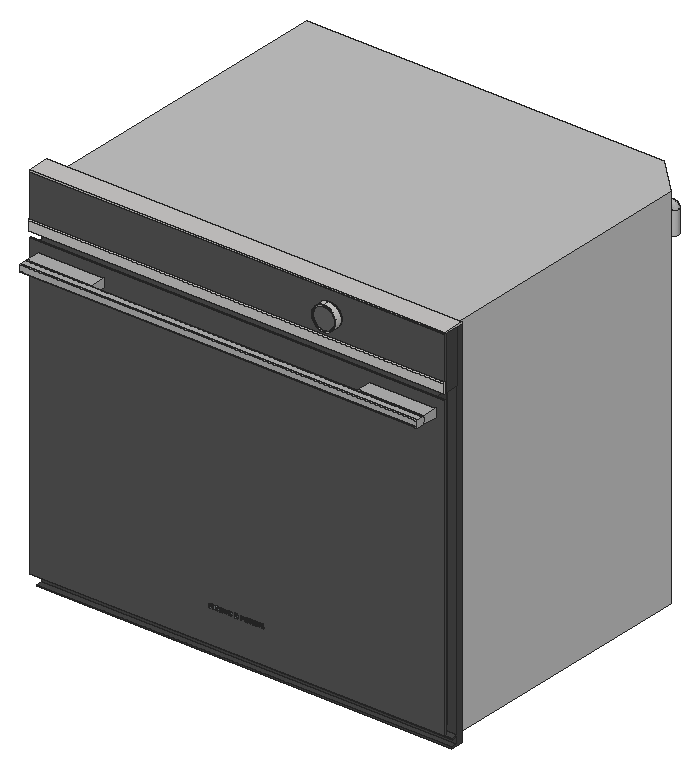
Revit family "FP-Revit18-OB30SDPTDX2-Oven-0-9000xxxxA", category Specialty Equipment, Revit 2018
Family settings
  Round Connector Dimension = Use Diameter
  Part Type = Normal
  OmniClass Number = 23.40.40.14.17.11
  OmniClass Title = Cookers, Ovens, Stoves
  Work Plane-Based = No
  Always vertical = Yes
  Cut with Voids When Loaded = Yes
  Shared = No
  Room Calculation Point = No
Parameters (values of type "OB30SDPTDX2")
  Visibility - Long Trim (Flush Installation) [instance] = no
  Visibility - Clearance Required = yes
  URL = "www.fisherpaykel.com"
  Product - Width = 760 mm  # constant formula
  Product - Height = 690 mm  # constant formula
  Product - Depth = 609 mm  # constant formula
  Model = "OB30SDPTDX2"
  Material - Trim = Fisher & Paykel - Stainless Steel
  Material - Structure = Fisher & Paykel - Black
  Material - Logo = Fisher & Paykel - Graphics Grey
  Material - Handle = Fisher & Paykel - Aluminium
  Material - Glass = Fisher & Paykel - Glass, Black
  Material - Buttons and Dials = Fisher & Paykel - Stainless Steel
  Material - Body = Fisher & Paykel - Grey
  Manufacturer = "Fisher & Paykel Appliances"
  FFL Offset [instance] = 182 mm
  Description = "30\" Self Cleaning Oven"
  Connector Note - Electrical = "208-240 V, 60 Hz, 16.6-19.4 A , 3.5-4.6 kW Max Load"
  Chassis - Width = 720 mm  # constant formula
  Chassis - Height = 675 mm  # constant formula
  Chassis - Depth = 569 mm  # constant formula
  Cavity - Width = 724 mm  # constant formula
  Cavity - Height = 681 mm  # constant formula
  Cavity - Depth = 575 mm  # constant formula
  Cabinet - Height = 693 mm  # constant formula
Reference planes
  plane 1 "Datum": y = 0
  plane 2: z = 0
  plane 3 "Center (Left/Right)": x = 0
  plane 4 "Cabinet - Height": z = 875
  plane 5 "Product LHS": x = -380
  plane 6 "Product RHS": x = 380
  plane 7 "Product - Depth": y = 569
  plane 8 "Cavity LHS": x = -382
  plane 9 "Cavity RHS": x = 382
  plane 10 "Cavity - Depth": y = 575
  plane 11 "Front Face": y = -40
  plane 12 "FFL Offset": z = 182
  plane 13 "Product - Height": z = 872
  plane 14: z = 863
Forms (mm)
  Extrusion 1, solid, material "Fisher & Paykel - Grey" <- "Material - Body"
    sketch origin (0, 0, 0) x (1, 0, 0) y (0, 1, 0)
      loop
        line (-359.809, 0) -> (360.191, 0) -> (360.191, 503) -> (294.191, 569) -> (-359.809, 569) -> (-359.809, 0)
    from 182 to 857
  Extrusion 2, solid, material "Fisher & Paykel - Clearance Required", visible <- "Visibility - Clearance Required", detail levels coarse
    sketch origin (0, 0, 0) x (1, 0, 0) y (0, 1, 0)
      loop
        line (-361.809, 0) -> (362.191, 0) -> (362.191, 575) -> (-361.809, 575) -> (-361.809, 0)
    from 182 to 863
  Extrusion 3, solid, material "Fisher & Paykel - Black" <- "Material - Structure"
    sketch origin (0, 0, 0) x (0, 1, 0) y (0, 0, 1)
      loop
        line (-11, 869.1) -> (-11, 199.834) -> (-21.5, 197.02) -> (-21.254, 196.102) -> (-11, 198.85) -> (-11, 183.95) -> (-22, 183.95) -> (-22, 182) -> (0, 182) -> (0, 869.1) -> (-11, 869.1)
    from -380 to 380
  Extrusion 4, solid, material "Fisher & Paykel - Black" <- "Material - Structure"
    sketch origin (0, 0, 0) x (0, 1, 0) y (0, 0, 1)
      loop
        line (-36, 869.1) -> (-36, 772) -> (-11, 772) -> (-11, 869.1) -> (-36, 869.1)
    from -380 to 380
  Extrusion 5, solid, material "Fisher & Paykel - Black" <- "Material - Structure"
    sketch origin (0, 0, 0) x (0, 1, 0) y (0, 0, 1)
      loop
        line (-16.2, 209.63) -> (-16.2, 759.665) -> (-36, 759.665) -> (-36, 209.63) -> (-16.2, 209.63)
    from -365 to 363.494
  Extrusion 6, solid, material "Fisher & Paykel - Black" <- "Material - Structure"
    sketch origin (0, 0, 0) x (0, 1, 0) y (0, 0, 1)
      loop
        line (-16.2, 759.665) -> (-16.2, 209.63) -> (-11, 209.63) -> (-11, 759.665) -> (-16.2, 759.665)
    from -361 to 361
  Extrusion 7, solid, material "Fisher & Paykel - Glass, Black" <- "Material - Glass"
    sketch origin (0, 0, 0) x (0, 1, 0) y (0, 0, 1)
      loop
        line (-40, 759.665) -> (-40, 209.63) -> (-36, 209.63) -> (-36, 759.665) -> (-40, 759.665)
    from -380 to 380
  Extrusion 8, solid, material "Fisher & Paykel - Glass, Black" <- "Material - Glass"
    sketch origin (0, 0, 0) x (0, 1, 0) y (0, 0, 1)
      loop
        line (-40, 868.639) -> (-40, 772) -> (-36, 772) -> (-36, 868.639) -> (-40, 868.639)
    from -380 to 380
  Extrusion 9, solid, material "Fisher & Paykel - Stainless Steel" <- "Material - Trim", detail levels fine
    sketch origin (0, 0, 0) x (0, 1, 0) y (0, 0, 1)
      loop
        line (-41.95, 789.531) -> (-41.95, 772) -> (-40, 772) -> (-40, 791.643) -> (-40.8, 791.643) -> (-41.95, 789.531)
    from -380 to 380
  Extrusion 10, solid, material "Fisher & Paykel - Clearance Required", visible <- "Visibility - Clearance Required", detail levels coarse
    sketch origin (0, -2000, 0) x (0, 1, 0) y (0, 0, 1)
      loop
        line (2000, 875) -> (1960.062, 875) -> (1960.062, 761.128)
        arc (1960.062, 761.128) -> (1570.095, 599.598) -> (1408.565, 209.63) r 551.498
        line (1408.565, 209.63) -> (1960, 209.63) -> (1960, 182) -> (2000, 182) -> (2000, 875)
    from -382 to 382
  Extrusion 11, solid, material "Fisher & Paykel - Stainless Steel" <- "Material - Trim"
    sketch origin (0, 0, 0) x (0, 1, 0) y (0, 0, 1)
      loop
        line (-40, 872) -> (-40, 869.1) -> (0, 869.1) -> (0, 872) -> (-40, 872)
    from -380 to 380
  Extrusion 12, void
    sketch origin (0, 0, 0) x (1, 0, 0) y (0, 1, 0)
      loop
        line (-361.809, 575) -> (-361.809, 0) -> (362.191, 0) -> (362.191, 575) -> (-361.809, 575)
    from 182 to 863
  Extrusion 13, void
    sketch origin (0, 0, 0) x (1, 0, 0) y (0, 1, 0)
      loop
        line (-382, 0) -> (-382, -40) -> (382, -40) -> (382, 0) -> (-382, 0)
    from 182 to 875
  Revolve 14, solid, material "Fisher & Paykel - Stainless Steel" <- "Material - Buttons and Dials", detail levels fine
    sketch origin (170, -40, 827.5) x (0, 1, 0) y (0, 0, 1)
      loop
        line (0, 22) -> (-0.843, 22) -> (-0.843, 16.038) -> (-2.39, 16.038) -> (-2.39, 22) -> (-13.7, 22) -> (-13.7, 21.2) -> (-13.191, 20) -> (-8.9, 20) -> (-8.9, 0) -> (0, 0) -> (0, 22)
      axis (0, 0) -> (-13.7, 0)
    angle from 0 to 360
  Extrusion 15, solid, material "Fisher & Paykel - Stainless Steel, Dark", detail levels fine
    sketch origin (170, -40, 827.5) x (1, 0, 0) y (0, 0, 1)
      loop
        circle (0, 0) r 19.45
    from 8.9 to 13.191
  Extrusion 16, solid, material "Fisher & Paykel - Stainless Steel" <- "Material - Buttons and Dials", detail levels coarse+medium
    sketch origin (170, -40, 827.5) x (1, 0, 0) y (0, 0, 1)
      loop
        circle (0, 0) r 22
    from 0 to 13.7
  Extrusion 17, solid, material "Fisher & Paykel - Bezel Red", detail levels fine
    sketch origin (170, -40, 827.5) x (1, 0, 0) y (0, 0, 1)
      loop
        circle (0, 0) r 19.45
      loop
        circle (0, 0) r 20
    from 2.39 to 13.191
  Extrusion 18, solid, material "Fisher & Paykel - Aluminium" <- "Material - Handle", detail levels fine
    sketch origin (8.022, -41, 734.648) x (0, 1, 0) y (0, 0, 1)
      loop
        arc (-26.813, 6.16) -> (-27.196, 6.554) -> (-27.728, 6.686) r 1
        line (-27.728, 6.686) -> (-40.035, 6.256)
        arc (-40.035, 6.256) -> (-40.719, 5.951) -> (-41, 5.257) r 1
        line (-41, 5.257) -> (-41, -5.257)
        arc (-41, -5.257) -> (-40.719, -5.951) -> (-40.035, -6.256) r 1
        line (-40.035, -6.256) -> (-27.709, -6.686)
        arc (-27.709, -6.686) -> (-27.175, -6.554) -> (-26.792, -6.158) r 1
        arc (-26.792, -6.158) -> (-25.256, 0.004) -> (-26.813, 6.16) r 13.038
    from -371.522 to 355.478
  Extrusion 19, solid, material "Fisher & Paykel - Aluminium" <- "Material - Handle", detail levels fine
    sketch origin (8.022, -41, 734.648) x (0, 1, 0) y (0, 0, 1)
      loop
        arc (-26.626, -6.008) -> (-26.614, -6.49) -> (-26.2, -6.737) r 0.5
        line (-26.2, -6.737) -> (1, -7.732) -> (1, 7.741) -> (-26.174, 6.747)
        arc (-26.174, 6.747) -> (-26.587, 6.5) -> (-26.6, 6.019) r 0.5
        arc (-26.6, 6.019) -> (-25.156, 0.002) -> (-26.626, -6.008) r 13.136
    from 235.478 to 355.478
  Extrusion 20, solid, material "Fisher & Paykel - Aluminium" <- "Material - Handle", detail levels coarse+medium
    sketch origin (8.022, -42, 734.648) x (1, 0, 0) y (0, 1, 0)
      loop
        line (-371.522, -40) -> (355.478, -40) -> (355.478, 2) -> (235.478, 2) -> (235.478, -24.334) -> (-251.522, -24.334) -> (-251.522, 2) -> (-371.522, 2) -> (-371.522, -40)
    from -8.022 to 7.978
  Extrusion 21, solid, material "Fisher & Paykel - Aluminium" <- "Material - Handle", detail levels fine
    sketch origin (8.022, -41, 734.648) x (0, 1, 0) y (0, 0, 1)
      loop
        arc (-26.626, -6.008) -> (-26.614, -6.49) -> (-26.2, -6.737) r 0.5
        line (-26.2, -6.737) -> (1, -7.732) -> (1, 7.741) -> (-26.174, 6.747)
        arc (-26.174, 6.747) -> (-26.587, 6.5) -> (-26.6, 6.019) r 0.5
        arc (-26.6, 6.019) -> (-25.156, 0.002) -> (-26.626, -6.008) r 13.136
    from -371.522 to -251.522
  Extrusion 22, solid, material "Fisher & Paykel - Aluminium" <- "Material - Handle", not visible, detail levels fine
    sketch origin (8.022, -2041, 719.648) x (0, 1, 0) y (0, 0, 1)
      loop
        arc (-26.813, 6.16) -> (-27.196, 6.554) -> (-27.728, 6.686) r 1
        line (-27.728, 6.686) -> (-40.035, 6.256)
        arc (-40.035, 6.256) -> (-40.719, 5.951) -> (-41, 5.257) r 1
        line (-41, 5.257) -> (-41, -5.257)
        arc (-41, -5.257) -> (-40.719, -5.951) -> (-40.035, -6.256) r 1
        line (-40.035, -6.256) -> (-27.709, -6.686)
        arc (-27.709, -6.686) -> (-27.175, -6.554) -> (-26.792, -6.158) r 1
        arc (-26.792, -6.158) -> (-25.256, 0.004) -> (-26.813, 6.16) r 13.038
    from -371.522 to 355.478
  Extrusion 23, solid, material "Fisher & Paykel - Aluminium" <- "Material - Handle", not visible, detail levels fine
    sketch origin (8.022, -2041, 719.648) x (0, 1, 0) y (0, 0, 1)
      loop
        arc (-26.626, -6.008) -> (-26.614, -6.49) -> (-26.2, -6.737) r 0.5
        line (-26.2, -6.737) -> (1, -7.732) -> (1, 7.741) -> (-26.174, 6.747)
        arc (-26.174, 6.747) -> (-26.587, 6.5) -> (-26.6, 6.019) r 0.5
        arc (-26.6, 6.019) -> (-25.156, 0.002) -> (-26.626, -6.008) r 13.136
    from 235.478 to 355.478
  Extrusion 24, solid, material "Fisher & Paykel - Aluminium" <- "Material - Handle", not visible, detail levels coarse+medium
    sketch origin (8.022, -2042, 719.648) x (1, 0, 0) y (0, 1, 0)
      loop
        line (-371.522, -40) -> (355.478, -40) -> (355.478, 2) -> (235.478, 2) -> (235.478, -24.334) -> (-251.522, -24.334) -> (-251.522, 2) -> (-371.522, 2) -> (-371.522, -40)
    from -8.022 to 7.978
  Extrusion 25, solid, material "Fisher & Paykel - Aluminium" <- "Material - Handle", not visible, detail levels fine
    sketch origin (8.022, -2041, 719.648) x (0, 1, 0) y (0, 0, 1)
      loop
        arc (-26.626, -6.008) -> (-26.614, -6.49) -> (-26.2, -6.737) r 0.5
        line (-26.2, -6.737) -> (1, -7.732) -> (1, 7.741) -> (-26.174, 6.747)
        arc (-26.174, 6.747) -> (-26.587, 6.5) -> (-26.6, 6.019) r 0.5
        arc (-26.6, 6.019) -> (-25.156, 0.002) -> (-26.626, -6.008) r 13.136
    from -371.522 to -251.522
  Extrusion 26, solid, material "Fisher & Paykel - Grey" <- "Material - Body"
    sketch origin (327.191, 536, 812.625) x (0.707107, -0.707107, 0) y (0, 0, 1)
      loop
        circle (0, 0) r 14.523
      loop
        circle (0, 0) r 7.273
    from -3.02 to 0
  Sweep 27, solid, material "Fisher & Paykel - Grey" <- "Material - Body"
    path origin (327.191, 536, 812.625) x (0.707107, 0.707107, 0) y (0, 0, 1)
      loop
        line (0, 0) -> (2.546, 0)
        arc (2.546, 0) -> (8.203, -2.343) -> (10.546, -8) r 8
        line (10.546, -8) -> (10.546, -49.977)
    profile origin (328.091, 536.9, 812.625) x (0, 0, 1) y (0.707107, -0.707107, 0)
      loop
        circle (0, 0) r 7.273
  Extrusion 28, solid, material "Fisher & Paykel - Grey" <- "Material - Body", not visible
    sketch origin (327.191, 536, 797.625) x (0.707107, -0.707107, 0) y (0, 0, 1)
      loop
        circle (0, 0) r 14.523
      loop
        circle (0, 0) r 7.273
    from -3.02 to 0
  Sweep 29, solid, material "Fisher & Paykel - Grey" <- "Material - Body", not visible
    path origin (327.191, 536, 797.625) x (0.707107, 0.707107, 0) y (0, 0, 1)
      loop
        line (0, 0) -> (2.546, 0)
        arc (2.546, 0) -> (8.203, -2.343) -> (10.546, -8) r 8
        line (10.546, -8) -> (10.546, -49.977)
    profile origin (328.091, 536.9, 797.625) x (0, 0, 1) y (0.707107, -0.707107, 0)
      loop
        circle (0, 0) r 7.273
  Extrusion 30, solid, material "Fisher & Paykel - Graphics Grey" <- "Material - Logo", detail levels fine
    sketch origin (0, -39.2, 255.6) x (1, 0, 0) y (0, 0, 1)
      loop
        line (-50.044, 15) -> (-48.47, 15) -> (-48.47, 17.138) -> (-46.011, 17.138) -> (-46.011, 18.472) -> (-48.47, 18.472) -> (-48.47, 19.712) -> (-45.795, 19.712) -> (-45.795, 21.04) -> (-50.044, 21.04) -> (-50.044, 15)
      loop
        line (-42.804, 21.04) -> (-42.804, 15) -> (-41.23, 15) -> (-41.23, 21.04) -> (-42.804, 21.04)
      loop
        line (-30.724, 21.04) -> (-30.724, 15) -> (-29.151, 15) -> (-29.151, 17.42) -> (-26.839, 17.42) -> (-26.839, 15) -> (-25.265, 15) -> (-25.265, 21.04) -> (-26.839, 21.04) -> (-26.839, 18.748) -> (-29.151, 18.748) -> (-29.151, 21.04) -> (-30.724, 21.04)
      loop
        line (-21.906, 21.04) -> (-21.906, 15) -> (-17.602, 15) -> (-17.602, 16.328) -> (-20.347, 16.328) -> (-20.347, 17.42) -> (-17.838, 17.42) -> (-17.838, 18.748) -> (-20.347, 18.748) -> (-20.347, 19.712) -> (-17.602, 19.712) -> (-17.602, 21.04) -> (-21.906, 21.04)
      loop
        line (45.667, 21.04) -> (45.667, 15) -> (49.956, 15) -> (49.956, 16.328) -> (47.241, 16.328) -> (47.241, 21.04) -> (45.667, 21.04)
      loop
        line (42.431, 21.04) -> (38.112, 21.04) -> (38.112, 15) -> (42.431, 15) -> (42.431, 16.328) -> (39.687, 16.328) -> (39.687, 17.42) -> (42.195, 17.42) -> (42.195, 18.748) -> (39.687, 18.748) -> (39.687, 19.712) -> (42.431, 19.712) -> (42.431, 21.04)
      loop
        line (33.451, 18.148) -> (35.683, 21.04) -> (33.844, 21.04) -> (31.915, 18.542) -> (31.915, 21.04) -> (30.342, 21.04) -> (30.342, 15) -> (31.915, 15) -> (31.915, 17.705) -> (33.903, 15) -> (35.763, 15) -> (33.451, 18.148)
      loop
        line (21.98, 21.04) -> (24.262, 17.42) -> (24.262, 15) -> (25.837, 15) -> (25.837, 17.341) -> (28.119, 21.04) -> (26.446, 21.04) -> (25.099, 18.707) -> (23.753, 21.04) -> (21.98, 21.04)
      loop
        line (18.479, 21.04) -> (16.983, 21.04) -> (14.524, 15) -> (16.069, 15) -> (16.501, 16.112) -> (18.921, 16.112) -> (19.354, 15) -> (20.938, 15) -> (18.479, 21.04)
      loop
        line (18.4, 17.439) -> (17.693, 19.174) -> (17.018, 17.439) -> (18.4, 17.439)
      loop
        line (8.031, 21.04) -> (8.031, 15) -> (9.605, 15) -> (9.605, 16.938) -> (10.599, 16.938)
        arc (10.599, 16.938) -> (12.65, 18.989) -> (10.599, 21.04) r 2.051
        line (10.599, 21.04) -> (8.031, 21.04)
      loop
        line (9.605, 19.712) -> (9.605, 18.197) -> (10.501, 18.197)
        arc (10.501, 18.197) -> (11.259, 18.954) -> (10.501, 19.712) r 0.757
        line (10.501, 19.712) -> (9.605, 19.712)
      loop
        line (-11.783, 21.04) -> (-14.366, 21.04) -> (-14.366, 15) -> (-12.792, 15) -> (-12.792, 16.336) -> (-11.992, 16.336) -> (-10.972, 15) -> (-9.153, 15) -> (-10.694, 16.973)
        arc (-10.694, 16.973) -> (-9.678, 19.424) -> (-11.783, 21.04) r 2.179
      loop
        line (-11.897, 19.712) -> (-12.792, 19.712) -> (-12.792, 18.053) -> (-11.897, 18.053)
        arc (-11.897, 18.053) -> (-11.068, 18.882) -> (-11.897, 19.712) r 0.83
      loop
        line (0.477, 19.712) -> (0.477, 21.153) -> (-3.575, 21.153) -> (-3.575, 19.851) -> (-2.974, 19.112)
        arc (-2.974, 19.112) -> (-3.51, 15.684) -> (-0.045, 15.512) r 2.334
        line (-0.045, 15.512) -> (0.46, 14.891) -> (2.246, 14.891) -> (0.86, 16.594) -> (2.061, 18.324) -> (0.443, 18.324) -> (-0.013, 17.667) -> (-1.677, 19.712) -> (0.477, 19.712)
      loop
        arc (-2.125, 18.068) -> (-2.269, 16.668) -> (-0.868, 16.524) r 0.996
        line (-0.868, 16.524) -> (-2.125, 18.068)
      loop
        line (-35.18, 18.634) -> (-36.516, 18.91)
        arc (-36.516, 18.91) -> (-37.049, 19.443) -> (-36.516, 19.976) r 0.533
        arc (-36.516, 19.976) -> (-35.235, 19.79) -> (-34.059, 19.248) r 4.505
        line (-34.059, 19.248) -> (-34.059, 20.743)
        arc (-34.059, 20.743) -> (-35.549, 21.179) -> (-37.1, 21.109) r 4.726
        arc (-37.1, 21.109) -> (-38.536, 19.335) -> (-37.1, 17.561) r 1.814
        line (-37.1, 17.561) -> (-35.754, 17.282)
        arc (-35.754, 17.282) -> (-35.221, 16.749) -> (-35.754, 16.216) r 0.533
        arc (-35.754, 16.216) -> (-37.035, 16.402) -> (-38.211, 16.945) r 4.505
        line (-38.211, 16.945) -> (-38.211, 15.449)
        arc (-38.211, 15.449) -> (-36.72, 15.013) -> (-35.169, 15.083) r 4.726
        arc (-35.169, 15.083) -> (-33.734, 16.863) -> (-35.18, 18.634) r 1.814
    from 0.8 to 1.6
  Revolve 31, solid, material "Fisher & Paykel - Stainless Steel" <- "Material - Buttons and Dials", not visible, detail levels fine
    sketch origin (170, -40, 745.5) x (0, 1, 0) y (0, 0, 1)
      loop
        line (0, 22) -> (-0.843, 22) -> (-0.843, 16.038) -> (-2.39, 16.038) -> (-2.39, 22) -> (-13.7, 22) -> (-13.7, 21.2) -> (-13.191, 20) -> (-8.9, 20) -> (-8.9, 0) -> (0, 0) -> (0, 22)
      axis (0, 0) -> (-13.7, 0)
    angle from 0 to 360
  Extrusion 32, solid, material "Fisher & Paykel - Stainless Steel, Dark", not visible, detail levels fine
    sketch origin (170, -40, 745.5) x (1, 0, 0) y (0, 0, 1)
      loop
        circle (0, 0) r 19.45
    from 8.9 to 13.191
  Extrusion 33, solid, material "Fisher & Paykel - Stainless Steel" <- "Material - Buttons and Dials", not visible, detail levels coarse+medium
    sketch origin (170, -40, 745.5) x (1, 0, 0) y (0, 0, 1)
      loop
        circle (0, 0) r 22
    from 0 to 13.7
  Extrusion 34, solid, material "Fisher & Paykel - Bezel Red", not visible, detail levels fine
    sketch origin (170, -40, 745.5) x (1, 0, 0) y (0, 0, 1)
      loop
        circle (0, 0) r 19.45
      loop
        circle (0, 0) r 20
    from 2.39 to 13.191
  Extrusion 35, solid, material "Fisher & Paykel - Black" <- "Material - Structure", visible <- "Visibility - Long Trim (Flush Installation)"
    sketch origin (0, 0, 0) x (0, 1, 0) y (0, 0, 1)
      loop
        line (0, 182) -> (0, 183.95) -> (-38.992, 183.95) -> (-38.992, 182) -> (0, 182)
    from -380 to 380
Lines and regions (mm)
  model lines, style "Fisher & Paykel"
    curve 1: line (-54, -40, 862.5) -> (54, -40, 862.5)
    curve 2: line (-54, -40, 797.7) -> (-54, -40, 862.5)
    curve 3: line (54, -40, 797.7) -> (-54, -40, 797.7)
    curve 4: line (54, -40, 862.5) -> (54, -40, 797.7)
Text (mm)
  text "Due to ongoing product development, product details are subject to change without notice. \nPlease always refer to www.fisherpaykel.com for the most current product information. \n© Fisher & Paykel 2020" at (41.04, -678.295, 0), in view "Ref. Level (Plan)"
Dimensions and locks
  equal spacing: plane 5 "Product LHS", plane 3 "Center (Left/Right)", plane 6 "Product RHS"
  "Product - Width": plane 5 "Product LHS" to plane 6 "Product RHS"
  equal spacing: plane 8 "Cavity LHS", plane 3 "Center (Left/Right)", plane 9 "Cavity RHS"
  "Cavity - Width": Extrusion 2 to Extrusion 2
  "Chassis - Width": Extrusion 1 to Extrusion 1
  locked: plane 11 "Front Face" to plane 1 "Datum" at 40
  "FFL Offset": plane 12 "FFL Offset" to level
  "Chassis - Height": Extrusion 1 to plane 12 "FFL Offset"
  locked: Extrusion 5 to plane 12 "FFL Offset" at 27.63
  plane 4 "Cabinet - Height" to plane 12 "FFL Offset" = 693 mm
  "Product - Height": plane 12 "FFL Offset" to plane 13 "Product - Height"
  Extrusion 4 to plane 13 "Product - Height" = 100 mm
  locked: Extrusion 16 to plane 13 "Product - Height" at 44.5
  locked: Extrusion 20 to plane 13 "Product - Height" at 129.374
  locked: Sweep 27 to plane 13 "Product - Height" at 109.352
  "Chassis - Depth": plane 1 "Datum" to plane 7 "Product - Depth"
  "Cavity - Depth": plane 10 "Cavity - Depth" to plane 1 "Datum"
  "Cavity - Height": plane 12 "FFL Offset" to plane 14
  locked: plane 8 "Cavity LHS" to plane 9 "Cavity RHS" at 764
  aligned and locked: level to plane 2
  aligned and locked: plane 5 "Product LHS" to Extrusion 3
  aligned and locked: Extrusion 3 to plane 6 "Product RHS"
  aligned and locked: plane 8 "Cavity LHS" to Extrusion 10
  aligned and locked: Extrusion 10 to plane 9 "Cavity RHS"
  aligned and locked: Extrusion 10 sketch curve to plane 12 "FFL Offset"
  aligned and locked: plane 12 "FFL Offset" to Extrusion 3 sketch curve
  aligned and locked: Extrusion 3 to Extrusion 1
  aligned and locked: Extrusion 5 to Extrusion 6
  aligned and locked: Extrusion 7 to Extrusion 5
  aligned and locked: Extrusion 12 to Extrusion 1
  aligned and locked: Extrusion 12 to Extrusion 2
  aligned and locked: Extrusion 13 to Extrusion 1
  aligned and locked: plane 4 "Cabinet - Height" to Extrusion 13
  aligned and locked: Extrusion 2 to Extrusion 1
  aligned and locked: Extrusion 11 to plane 13 "Product - Height"
  aligned and locked: Extrusion 12 to plane 14
  aligned and locked: Extrusion 2 to plane 14
  aligned and locked: Extrusion 10 to Extrusion 7
Automatic sketch dimensions
  Revolve 14 sketch curve to Revolve 14 sketch curve = 1.547 mm
  Revolve 14 sketch curve to Revolve 14 sketch curve = 6.51 mm
  Revolve 14 sketch curve to Revolve 14 sketch curve = 4.291 mm
  Revolve 14 sketch curve to Revolve 14 sketch curve = 0.509 mm
  Revolve 14 sketch curve to Revolve 14 sketch curve = 16.038 mm
  Revolve 14 sketch curve to Revolve 14 sketch curve = 3.962 mm
  Revolve 14 sketch curve to Revolve 14 sketch curve = 1.2 mm
  Revolve 14 sketch curve to Revolve 14 sketch curve = 0.8 mm
  Revolve 14 sketch curve to Revolve 14 sketch curve = 0 mm  (x3)
  Revolve 14 sketch curve to Revolve 14 sketch curve = 9.733 mm
  Revolve 14 sketch curve to Revolve 14 sketch curve = 8.9 mm
  Extrusion 18 sketch curve to Extrusion 18 sketch curve = 0.965 mm  (x2)
  Extrusion 18 sketch curve to Extrusion 18 sketch curve = 0.035 mm  (x4)
  Extrusion 18 sketch curve to Extrusion 18 sketch curve = 1.706 mm
  Extrusion 18 sketch curve to Extrusion 18 sketch curve = 12.307 mm
  Extrusion 18 sketch curve to Extrusion 18 sketch curve = 12.326 mm
  Extrusion 18 sketch curve to Extrusion 18 sketch curve = 0.999 mm  (x2)
  Extrusion 18 sketch curve to Extrusion 18 sketch curve = 5.238 mm
  Extrusion 18 sketch curve to Extrusion 18 sketch curve = 0 mm
  Extrusion 19 sketch curve to Extrusion 19 sketch curve = 12.091 mm
  Extrusion 19 sketch curve to Extrusion 19 sketch curve = 0.018 mm  (x2)
  Extrusion 19 sketch curve to Extrusion 19 sketch curve = 0.008 mm
  Extrusion 19 sketch curve to Extrusion 19 sketch curve = 27.174 mm
  Extrusion 19 sketch curve to Extrusion 19 sketch curve = 15.473 mm
  Extrusion 19 sketch curve to Extrusion 19 sketch curve = 0.5 mm  (x2)
  Extrusion 19 sketch curve to Extrusion 19 sketch curve = 0 mm
  Extrusion 21 sketch curve to Extrusion 21 sketch curve = 12.091 mm
  Extrusion 21 sketch curve to Extrusion 21 sketch curve = 0.018 mm  (x2)
  Extrusion 21 sketch curve to Extrusion 21 sketch curve = 0.008 mm
  Extrusion 21 sketch curve to Extrusion 21 sketch curve = 27.174 mm
  Extrusion 21 sketch curve to Extrusion 21 sketch curve = 15.473 mm
  Extrusion 21 sketch curve to Extrusion 21 sketch curve = 0.5 mm  (x2)
  Extrusion 21 sketch curve to Extrusion 21 sketch curve = 0 mm
  Extrusion 18 sketch curve to Extrusion 18 sketch curve = 0.43 mm
  Extrusion 18 sketch curve to Extrusion 18 sketch curve = 5.275 mm
  Extrusion 18 sketch curve to Extrusion 18 sketch curve = 11.374 mm
  Extrusion 19 sketch curve to Extrusion 19 sketch curve = 0.995 mm
  Extrusion 19 sketch curve to Extrusion 19 sketch curve = 6.268 mm
  Extrusion 19 sketch curve to Extrusion 19 sketch curve = 12.255 mm
  Extrusion 21 sketch curve to Extrusion 21 sketch curve = 0.995 mm
  Extrusion 21 sketch curve to Extrusion 21 sketch curve = 6.268 mm
  Extrusion 21 sketch curve to Extrusion 21 sketch curve = 12.255 mm
  Extrusion 20 sketch curve to Extrusion 20 sketch curve = 120 mm  (x2)
  Extrusion 20 sketch curve to Extrusion 20 sketch curve = 15.666 mm
  Extrusion 20 sketch curve to Extrusion 20 sketch curve = 26.334 mm  (x2)
  Extrusion 20 sketch curve to Extrusion 20 sketch curve = 487 mm
  Extrusion 22 sketch curve to Extrusion 22 sketch curve = 0.965 mm  (x2)
  Extrusion 22 sketch curve to Extrusion 22 sketch curve = 0.035 mm  (x4)
  Extrusion 22 sketch curve to Extrusion 22 sketch curve = 1.706 mm
  Extrusion 22 sketch curve to Extrusion 22 sketch curve = 12.307 mm
  Extrusion 22 sketch curve to Extrusion 22 sketch curve = 12.326 mm
  Extrusion 22 sketch curve to Extrusion 22 sketch curve = 0.999 mm  (x2)
  Extrusion 22 sketch curve to Extrusion 22 sketch curve = 5.238 mm
  Extrusion 22 sketch curve to Extrusion 22 sketch curve = 0 mm
  Extrusion 23 sketch curve to Extrusion 23 sketch curve = 12.091 mm
  Extrusion 23 sketch curve to Extrusion 23 sketch curve = 0.018 mm  (x2)
  Extrusion 23 sketch curve to Extrusion 23 sketch curve = 0.008 mm
  Extrusion 23 sketch curve to Extrusion 23 sketch curve = 27.174 mm
  Extrusion 23 sketch curve to Extrusion 23 sketch curve = 15.473 mm
  Extrusion 23 sketch curve to Extrusion 23 sketch curve = 0.5 mm  (x2)
  Extrusion 23 sketch curve to Extrusion 23 sketch curve = 0 mm
  Extrusion 25 sketch curve to Extrusion 25 sketch curve = 12.091 mm
  Extrusion 25 sketch curve to Extrusion 25 sketch curve = 0.018 mm  (x2)
  Extrusion 25 sketch curve to Extrusion 25 sketch curve = 0.008 mm
  Extrusion 25 sketch curve to Extrusion 25 sketch curve = 27.174 mm
  Extrusion 25 sketch curve to Extrusion 25 sketch curve = 15.473 mm
  Extrusion 25 sketch curve to Extrusion 25 sketch curve = 0.5 mm  (x2)
  Extrusion 25 sketch curve to Extrusion 25 sketch curve = 0 mm
  Extrusion 22 sketch curve to Extrusion 22 sketch curve = 0.43 mm
  Extrusion 22 sketch curve to Extrusion 22 sketch curve = 5.275 mm
  Extrusion 22 sketch curve to Extrusion 22 sketch curve = 11.374 mm
  Extrusion 23 sketch curve to Extrusion 23 sketch curve = 0.995 mm
  Extrusion 23 sketch curve to Extrusion 23 sketch curve = 6.268 mm
  Extrusion 23 sketch curve to Extrusion 23 sketch curve = 12.255 mm
  Extrusion 25 sketch curve to Extrusion 25 sketch curve = 0.995 mm
  Extrusion 25 sketch curve to Extrusion 25 sketch curve = 6.268 mm
  Extrusion 25 sketch curve to Extrusion 25 sketch curve = 12.255 mm
  Extrusion 24 sketch curve to Extrusion 24 sketch curve = 120 mm  (x2)
  Extrusion 24 sketch curve to Extrusion 24 sketch curve = 15.666 mm
  Extrusion 24 sketch curve to Extrusion 24 sketch curve = 26.334 mm  (x2)
  Extrusion 24 sketch curve to Extrusion 24 sketch curve = 487 mm
  Extrusion 26 sketch curve to Extrusion 26 sketch curve = 0 mm  (x4)
  Sweep 27 sketch curve to Sweep 27 sketch curve = 8 mm
  Sweep 27 sketch curve to Sweep 27 sketch curve = 2.546 mm
  Sweep 27 sketch curve to Sweep 27 sketch curve = 41.977 mm
  Sweep 27 sketch curve to profile plane = 0 mm  (x2)
  Extrusion 28 sketch curve to Extrusion 28 sketch curve = 0 mm  (x4)
  Sweep 29 sketch curve to Sweep 29 sketch curve = 8 mm
  Sweep 29 sketch curve to Sweep 29 sketch curve = 2.546 mm
  Sweep 29 sketch curve to Sweep 29 sketch curve = 41.977 mm
  Sweep 29 sketch curve to profile plane = 0 mm  (x2)
  plane 1 "Datum" to Extrusion 1 sketch curve = 0 mm
  Extrusion 1 sketch curve to plane 7 "Product - Depth" = 0 mm
  Extrusion 1 sketch curve to plane 5 "Product LHS" = 20.191 mm
  plane 6 "Product RHS" to Extrusion 1 sketch curve = 85.809 mm
  plane 6 "Product RHS" to Extrusion 1 sketch curve = 19.809 mm
  Extrusion 1 sketch curve to plane 7 "Product - Depth" = 66 mm
  plane 1 "Datum" to Extrusion 2 sketch curve = 0 mm
  plane 10 "Cavity - Depth" to Extrusion 2 sketch curve = 0 mm
  Extrusion 2 sketch curve to plane 5 "Product LHS" = 18.191 mm
  plane 6 "Product RHS" to Extrusion 2 sketch curve = 17.809 mm
  Extrusion 3 sketch curve to plane 1 "Datum" = 0 mm
  plane 1 "Datum" to Extrusion 3 sketch curve = 11 mm
  Extrusion 3 sketch curve to Extrusion 3 sketch curve = 0 mm
  Extrusion 3 sketch curve to Extrusion 3 sketch curve = 10.254 mm
  plane 12 "FFL Offset" to Extrusion 3 sketch curve = 15.02 mm
  Extrusion 3 sketch curve to Extrusion 3 sketch curve = 0.246 mm
  plane 12 "FFL Offset" to Extrusion 3 sketch curve = 1.95 mm
  Extrusion 3 sketch curve to Extrusion 3 sketch curve = 11 mm
  Extrusion 3 sketch curve to Extrusion 3 sketch curve = 0.918 mm
  plane 13 "Product - Height" to Extrusion 3 sketch curve = 2.9 mm
  plane 11 "Front Face" to Extrusion 4 sketch curve = 4 mm
  plane 1 "Datum" to Extrusion 4 sketch curve = 11 mm
  plane 14 to Extrusion 4 sketch curve = 91 mm
  plane 13 "Product - Height" to Extrusion 4 sketch curve = 2.9 mm
  plane 11 "Front Face" to Extrusion 5 sketch curve = 4 mm
  plane 1 "Datum" to Extrusion 5 sketch curve = 16.2 mm
  plane 12 "FFL Offset" to Extrusion 5 sketch curve = 27.63 mm
  plane 14 to Extrusion 5 sketch curve = 103.335 mm
  plane 1 "Datum" to Extrusion 6 sketch curve = 16.2 mm
  Extrusion 6 sketch curve to Extrusion 6 sketch curve = 5.2 mm
  plane 12 "FFL Offset" to Extrusion 6 sketch curve = 27.63 mm
  plane 14 to Extrusion 6 sketch curve = 103.335 mm
  Extrusion 7 sketch curve to plane 11 "Front Face" = 0 mm
  Extrusion 7 sketch curve to Extrusion 7 sketch curve = 4 mm
  plane 12 "FFL Offset" to Extrusion 7 sketch curve = 27.63 mm
  plane 14 to Extrusion 7 sketch curve = 103.335 mm
  Extrusion 8 sketch curve to plane 11 "Front Face" = 0 mm
  Extrusion 8 sketch curve to Extrusion 8 sketch curve = 4 mm
  plane 14 to Extrusion 8 sketch curve = 91 mm
  plane 13 "Product - Height" to Extrusion 8 sketch curve = 3.361 mm
  Extrusion 9 sketch curve to plane 11 "Front Face" = 0 mm
  Extrusion 9 sketch curve to plane 11 "Front Face" = 0.8 mm
  Extrusion 9 sketch curve to plane 11 "Front Face" = 1.95 mm
  plane 14 to Extrusion 9 sketch curve = 91 mm
  Extrusion 9 sketch curve to Extrusion 9 sketch curve = 17.531 mm
  Extrusion 9 sketch curve to Extrusion 9 sketch curve = 2.112 mm
  plane 11 "Front Face" to Extrusion 10 sketch curve = 0.062 mm
  Extrusion 10 sketch curve to plane 11 "Front Face" = 0 mm
  Extrusion 10 sketch curve to plane 1 "Datum" = 0 mm
  plane 12 "FFL Offset" to Extrusion 10 sketch curve = 27.63 mm
  Extrusion 10 sketch curve to plane 11 "Front Face" = 551.435 mm
  Extrusion 10 sketch curve to plane 4 "Cabinet - Height" = 0 mm
  Extrusion 11 sketch curve to plane 11 "Front Face" = 0 mm
  Extrusion 11 sketch curve to plane 1 "Datum" = 0 mm
  plane 13 "Product - Height" to Extrusion 11 sketch curve = 0 mm
  Extrusion 11 sketch curve to Extrusion 11 sketch curve = 2.9 mm
  plane 1 "Datum" to Extrusion 12 sketch curve = 0 mm
  Extrusion 12 sketch curve to plane 5 "Product LHS" = 18.191 mm
  plane 6 "Product RHS" to Extrusion 12 sketch curve = 17.809 mm
  plane 10 "Cavity - Depth" to Extrusion 12 sketch curve = 0 mm
  Extrusion 13 sketch curve to plane 8 "Cavity LHS" = 0 mm
  Extrusion 13 sketch curve to plane 9 "Cavity RHS" = 0 mm
  Extrusion 13 sketch curve to plane 11 "Front Face" = 0 mm
  plane 1 "Datum" to Extrusion 13 sketch curve = 0 mm
  plane 14 to curve 1 = 0.5 mm
  plane 3 "Center (Left/Right)" to curve 1 = 54 mm
  curve 3 to plane 3 "Center (Left/Right)" = 54 mm
  curve 4 to curve 1 = 64.8 mm
  Extrusion 30 sketch curve to plane 3 "Center (Left/Right)" = 50.044 mm
  Extrusion 30 sketch curve to Extrusion 30 sketch curve = 1.574 mm  (x12)
  Extrusion 30 sketch curve to Extrusion 30 sketch curve = 2.459 mm
  Extrusion 30 sketch curve to Extrusion 30 sketch curve = 0.216 mm
  Extrusion 30 sketch curve to Extrusion 30 sketch curve = 3.207 mm
  Extrusion 30 sketch curve to Extrusion 30 sketch curve = 3.02 mm
  Extrusion 30 sketch curve to Extrusion 30 sketch curve = 1.11 mm
  Extrusion 30 sketch curve to Extrusion 30 sketch curve = 0.379 mm
  Extrusion 30 sketch curve to Extrusion 30 sketch curve = 0.206 mm  (x2)
  Extrusion 30 sketch curve to Extrusion 30 sketch curve = 0.36 mm  (x2)
  Extrusion 30 sketch curve to Extrusion 30 sketch curve = 0.402 mm
  Extrusion 30 sketch curve to Extrusion 30 sketch curve = 0 mm  (x21)
  Extrusion 30 sketch curve to Extrusion 30 sketch curve = 1.335 mm  (x2)
  Extrusion 30 sketch curve to Extrusion 30 sketch curve = 1.121 mm
  Extrusion 30 sketch curve to Extrusion 30 sketch curve = 3.335 mm
  Extrusion 30 sketch curve to Extrusion 30 sketch curve = 2.312 mm  (x2)
  Extrusion 30 sketch curve to Extrusion 30 sketch curve = 3.359 mm
  Extrusion 30 sketch curve to Extrusion 30 sketch curve = 1.559 mm
  Extrusion 30 sketch curve to Extrusion 30 sketch curve = 2.508 mm  (x2)
  Extrusion 30 sketch curve to Extrusion 30 sketch curve = 0.236 mm  (x4)
  Extrusion 30 sketch curve to Extrusion 30 sketch curve = 3.236 mm  (x2)
  Extrusion 30 sketch curve to Extrusion 30 sketch curve = 0.8 mm
  Extrusion 30 sketch curve to Extrusion 30 sketch curve = 0.895 mm
  Extrusion 30 sketch curve to Extrusion 30 sketch curve = 0.114 mm
  Extrusion 30 sketch curve to Extrusion 30 sketch curve = 1.02 mm
  Extrusion 30 sketch curve to Extrusion 30 sketch curve = 1.298 mm
  Extrusion 30 sketch curve to Extrusion 30 sketch curve = 1.82 mm
  Extrusion 30 sketch curve to plane 3 "Center (Left/Right)" = 3.575 mm
  Extrusion 30 sketch curve to Extrusion 30 sketch curve = 0.602 mm
  Extrusion 30 sketch curve to Extrusion 30 sketch curve = 0.849 mm
  Extrusion 30 sketch curve to Extrusion 30 sketch curve = 0.425 mm
  Extrusion 30 sketch curve to Extrusion 30 sketch curve = 1.297 mm
  Extrusion 30 sketch curve to Extrusion 30 sketch curve = 0.203 mm
  Extrusion 30 sketch curve to Extrusion 30 sketch curve = 0.628 mm
  Extrusion 30 sketch curve to Extrusion 30 sketch curve = 0.824 mm
  Extrusion 30 sketch curve to Extrusion 30 sketch curve = 0.855 mm
  Extrusion 30 sketch curve to Extrusion 30 sketch curve = 0.456 mm
  Extrusion 30 sketch curve to Extrusion 30 sketch curve = 0.505 mm
  plane 3 "Center (Left/Right)" to Extrusion 30 sketch curve = 0.477 mm
  plane 3 "Center (Left/Right)" to Extrusion 30 sketch curve = 0.86 mm
  plane 3 "Center (Left/Right)" to Extrusion 30 sketch curve = 2.061 mm
  plane 3 "Center (Left/Right)" to Extrusion 30 sketch curve = 2.246 mm
  plane 3 "Center (Left/Right)" to Extrusion 30 sketch curve = 8.031 mm
  Extrusion 30 sketch curve to Extrusion 30 sketch curve = 0.896 mm
  Extrusion 30 sketch curve to Extrusion 30 sketch curve = 0.994 mm
  Extrusion 30 sketch curve to Extrusion 30 sketch curve = 3.925 mm
  Extrusion 30 sketch curve to Extrusion 30 sketch curve = 1.545 mm
  Extrusion 30 sketch curve to Extrusion 30 sketch curve = 0.433 mm  (x2)
  Extrusion 30 sketch curve to Extrusion 30 sketch curve = 0.482 mm
  Extrusion 30 sketch curve to Extrusion 30 sketch curve = 0.517 mm
  Extrusion 30 sketch curve to Extrusion 30 sketch curve = 0.675 mm
  Extrusion 30 sketch curve to Extrusion 30 sketch curve = 1.381 mm
  Extrusion 30 sketch curve to Extrusion 30 sketch curve = 1.495 mm
  Extrusion 30 sketch curve to Extrusion 30 sketch curve = 0.522 mm
  Extrusion 30 sketch curve to Extrusion 30 sketch curve = 1.584 mm
  Extrusion 30 sketch curve to Extrusion 30 sketch curve = 3.502 mm
  Extrusion 30 sketch curve to Extrusion 30 sketch curve = 1.772 mm
  Extrusion 30 sketch curve to Extrusion 30 sketch curve = 0.51 mm
  Extrusion 30 sketch curve to Extrusion 30 sketch curve = 0.837 mm
  Extrusion 30 sketch curve to Extrusion 30 sketch curve = 0.737 mm
  Extrusion 30 sketch curve to Extrusion 30 sketch curve = 2.694 mm
  Extrusion 30 sketch curve to Extrusion 30 sketch curve = 1.673 mm
  Extrusion 30 sketch curve to Extrusion 30 sketch curve = 2.223 mm
  Extrusion 30 sketch curve to Extrusion 30 sketch curve = 1.535 mm
  Extrusion 30 sketch curve to Extrusion 30 sketch curve = 1.928 mm
  Extrusion 30 sketch curve to Extrusion 30 sketch curve = 1.987 mm
  Extrusion 30 sketch curve to Extrusion 30 sketch curve = 1.839 mm
  Extrusion 30 sketch curve to Extrusion 30 sketch curve = 1.86 mm
  Extrusion 30 sketch curve to Extrusion 30 sketch curve = 2.429 mm
  Extrusion 30 sketch curve to Extrusion 30 sketch curve = 2.715 mm
  plane 12 "FFL Offset" to Extrusion 30 sketch curve = 88.491 mm
  Extrusion 30 sketch curve to Extrusion 30 sketch curve = 0.109 mm  (x5)
  Extrusion 30 sketch curve to Extrusion 30 sketch curve = 0.449 mm
  Extrusion 30 sketch curve to Extrusion 30 sketch curve = 0.023 mm
  Extrusion 30 sketch curve to Extrusion 30 sketch curve = 0.621 mm
  Extrusion 30 sketch curve to Extrusion 30 sketch curve = 1.112 mm
  Extrusion 30 sketch curve to Extrusion 30 sketch curve = 1.328 mm  (x10)
  Extrusion 30 sketch curve to Extrusion 30 sketch curve = 1.336 mm
  Extrusion 30 sketch curve to Extrusion 30 sketch curve = 1.015 mm
  Extrusion 30 sketch curve to Extrusion 30 sketch curve = 1.012 mm
  Extrusion 30 sketch curve to Extrusion 30 sketch curve = 1.082 mm
  Extrusion 30 sketch curve to Extrusion 30 sketch curve = 0.262 mm  (x2)
  Extrusion 30 sketch curve to Extrusion 30 sketch curve = 1.938 mm
  Extrusion 30 sketch curve to Extrusion 30 sketch curve = 1.496 mm  (x2)
  Extrusion 30 sketch curve to Extrusion 30 sketch curve = 0.637 mm
  Extrusion 30 sketch curve to Extrusion 30 sketch curve = 2.138 mm
  Extrusion 30 sketch curve to Extrusion 30 sketch curve = 0.632 mm
  Extrusion 30 sketch curve to Extrusion 30 sketch curve = 0.424 mm  (x2)
  Extrusion 30 sketch curve to Extrusion 30 sketch curve = 0.14 mm
  Extrusion 30 sketch curve to Extrusion 30 sketch curve = 2.341 mm
  Extrusion 30 sketch curve to Extrusion 30 sketch curve = 1.092 mm  (x2)
  Extrusion 30 sketch curve to Extrusion 30 sketch curve = 2.42 mm
  Extrusion 30 sketch curve to Extrusion 30 sketch curve = 0.079 mm
  Extrusion 30 sketch curve to Extrusion 30 sketch curve = 0.616 mm
  Extrusion 30 sketch curve to Extrusion 30 sketch curve = 1.073 mm
  Extrusion 30 sketch curve to Extrusion 30 sketch curve = 2.705 mm
  Extrusion 30 sketch curve to Extrusion 30 sketch curve = 1.716 mm
  Extrusion 30 sketch curve to Extrusion 30 sketch curve = 0.442 mm
  Extrusion 30 sketch curve to Extrusion 30 sketch curve = 1.259 mm
  Extrusion 30 sketch curve to Extrusion 30 sketch curve = 1.73 mm
  Extrusion 30 sketch curve to Extrusion 30 sketch curve = 0.836 mm
  Extrusion 30 sketch curve to Extrusion 30 sketch curve = 1.352 mm
  Extrusion 30 sketch curve to Extrusion 30 sketch curve = 1.287 mm
  Extrusion 30 sketch curve to Extrusion 30 sketch curve = 0.808 mm
  Extrusion 30 sketch curve to Extrusion 30 sketch curve = 0.022 mm
  Extrusion 30 sketch curve to Extrusion 30 sketch curve = 0.276 mm
  Extrusion 30 sketch curve to Extrusion 30 sketch curve = 0.757 mm
  Extrusion 30 sketch curve to Extrusion 30 sketch curve = 0.034 mm
  Extrusion 30 sketch curve to Extrusion 30 sketch curve = 1.735 mm
  Extrusion 30 sketch curve to Extrusion 30 sketch curve = 0.614 mm
  Extrusion 30 sketch curve to Extrusion 30 sketch curve = 0.6 mm
  Extrusion 30 sketch curve to Extrusion 30 sketch curve = 0.964 mm  (x2)
  Extrusion 30 sketch curve to Extrusion 30 sketch curve = 1.24 mm
  Extrusion 30 sketch curve to Extrusion 30 sketch curve = 0.739 mm
  Extrusion 30 sketch curve to Extrusion 30 sketch curve = 0.744 mm
  Extrusion 30 sketch curve to Extrusion 30 sketch curve = 2.292 mm  (x2)
  Extrusion 30 sketch curve to Extrusion 30 sketch curve = 1.866 mm
  Extrusion 30 sketch curve to Extrusion 30 sketch curve = 2.892 mm
  Extrusion 30 sketch curve to Extrusion 30 sketch curve = 2.498 mm
  Extrusion 30 sketch curve to Extrusion 30 sketch curve = 1.302 mm
  Extrusion 17 sketch curve to Extrusion 17 sketch curve = 0 mm  (x4)
  Revolve 31 sketch curve to Revolve 31 sketch curve = 1.547 mm
  Revolve 31 sketch curve to Revolve 31 sketch curve = 6.51 mm
  Revolve 31 sketch curve to Revolve 31 sketch curve = 4.291 mm
  Revolve 31 sketch curve to Revolve 31 sketch curve = 0.509 mm
  Revolve 31 sketch curve to Revolve 31 sketch curve = 16.038 mm
  Revolve 31 sketch curve to Revolve 31 sketch curve = 3.962 mm
  Revolve 31 sketch curve to Revolve 31 sketch curve = 1.2 mm
  Revolve 31 sketch curve to Revolve 31 sketch curve = 0.8 mm
  Revolve 31 sketch curve to Revolve 31 sketch curve = 0 mm  (x3)
  Revolve 31 sketch curve to Revolve 31 sketch curve = 9.733 mm
  Revolve 31 sketch curve to Revolve 31 sketch curve = 8.9 mm
  Extrusion 34 sketch curve to Extrusion 34 sketch curve = 0 mm  (x4)
  Extrusion 35 sketch curve to plane 12 "FFL Offset" = 0 mm
  Extrusion 35 sketch curve to plane 1 "Datum" = 0 mm
  plane 11 "Front Face" to Extrusion 35 sketch curve = 1.008 mm
  plane 12 "FFL Offset" to Extrusion 35 sketch curve = 1.95 mm
  radius of Extrusion 15 sketch curve = 19.45 mm
  radius of Extrusion 16 sketch curve = 22 mm
  radius of Extrusion 17 sketch curve = 19.45 mm
  radius of Extrusion 17 sketch curve = 20 mm
  radius of Extrusion 26 sketch curve = 14.523 mm
  radius of Extrusion 26 sketch curve = 7.273 mm
  radius of Sweep 27 sketch curve = 7.273 mm
  radius of Extrusion 28 sketch curve = 14.523 mm
  radius of Extrusion 28 sketch curve = 7.273 mm
  radius of Sweep 29 sketch curve = 7.273 mm
  radius of Extrusion 32 sketch curve = 19.45 mm
  radius of Extrusion 33 sketch curve = 22 mm
  radius of Extrusion 34 sketch curve = 19.45 mm
  radius of Extrusion 34 sketch curve = 20 mm
Connectors
  electrical at (334.648, 543.457, 762.648), driven by "Connector Note - Electrical"
    settings: on Sweep 27, index 1, voltage 208 V, apparent load 0 VA, apparent load phase1 0 VA, apparent load phase2 0 VA, apparent load phase3 0 VA, power factor 1, load classification "Other", number of poles 1, system type 30, power factor state 1, is connector primary yes, connector utility no, sub classification motor no, connector description "208-240 V, 60 Hz, 16.6-19.4 A , 3.5-4.6 kW Max Load"
